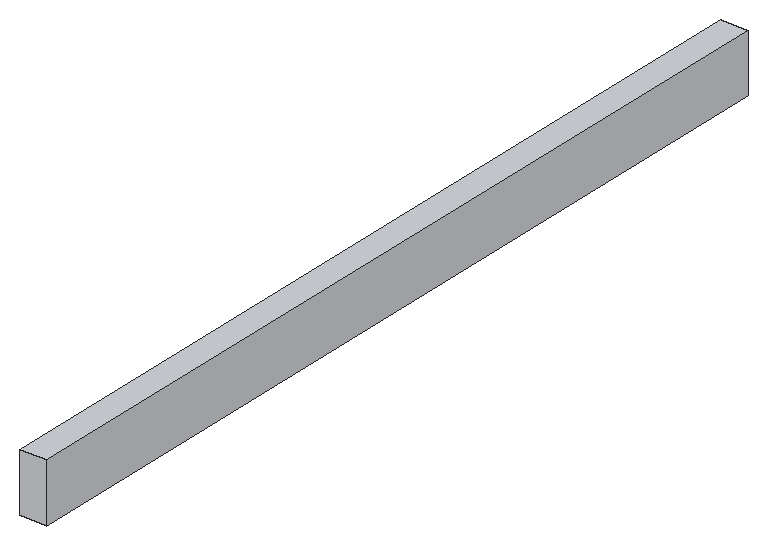
Revit family "金枋", category 常规模型, Revit 2022
Family settings
  可将钢筋附着到主体 = 否
  圆形连接件大小 = 使用直径
  零件类型 = 标准
  基于工作平面 = 否
  总是垂直 = 是
  加载时剪切的空心 = 否
  保持注释方向 = 否
  共享 = 否
  房间计算点 = 否
Parameters
  默认高程 = 0 mm
  金枋高 [instance] = 240 mm
  金枋长 [instance] = 3600 mm
  金枋宽 [instance] = 110 mm
Reference planes
  plane 1 "中心(前/后)": y = 0
  plane 2: z = 0
  plane 3 "中心(左/右)": x = 0
Forms (mm)
  Extrusion 1, solid
    sketch origin (0, 0, 0) x (1, 0, 0) y (0, 0, 1)
      loop
        line (881.741, 2274.771) -> (881.741, 2034.771) -> (991.741, 2034.771) -> (991.741, 2274.771) -> (881.741, 2274.771)
    from 0 to 3600
Dimensions and locks
  "金枋宽": Extrusion 1 sketch curve to Extrusion 1 sketch curve
  "金枋高": Extrusion 1 sketch curve to Extrusion 1 sketch curve
  "金枋长": Extrusion 1 to Extrusion 1
  aligned and locked: level to plane 2
Automatic sketch dimensions
  plane 3 "中心(左/右)" to Extrusion 1 sketch curve = 881.741 mm
  level to Extrusion 1 sketch curve = 2034.771 mm
